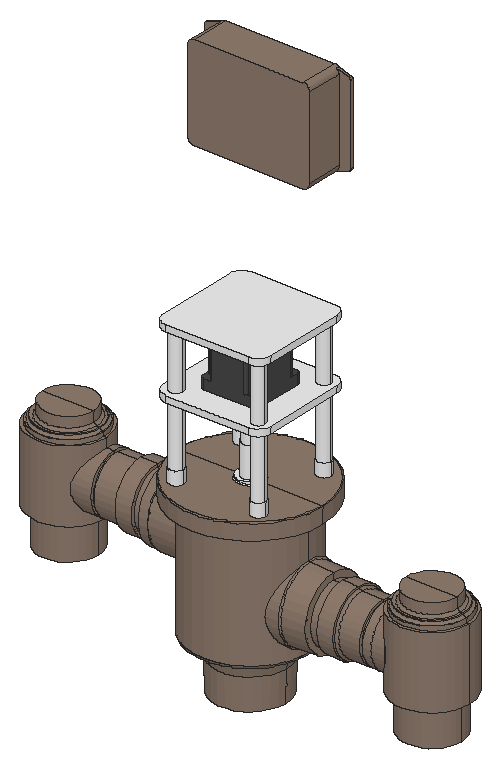
Revit family "Plumbing_Valves_Leonard-Valve_Proton-PNV-200-LF", category Pipe Accessories, Revit 2018
Family settings
  Round Connector Dimension = Use Diameter
  Part Type = Normal
  OmniClass Number = 23.65.55.14.24
  OmniClass Title = Mixing Valves for Liquid Services
  Work Plane-Based = No
  Always vertical = Yes
  Cut with Voids When Loaded = No
  Shared = No
Parameters (values of type "PNV-200-LF")
  Water Pressure Maximum = 200.0 psi  # constant formula
  URL = "http://www.leonardvalve.com"
  Product data url = "https://bimobject.com/leonardvalvecompany/product/pnv-200-lf"
  Product Page URL = "https://www.leonardvalve.com/products/lines/228/product/4878"
  Product Material = Bronze - Leonard Valve Company
  Product Guid = "6ae064ee-6da3-4ed8-9161-b5b8d07947d5"
  Piping Method = "Method W"  # constant formula
  Outlet Temperature Range = "65°F-180°F"  # constant formula
  Outlet = 2"
  Offset = 0"
  Model = "PNV-200-LF"
  Mixed Water Outlet Flow [instance] = 0.0 GPM
  Minimum Flow Rate = 0.25 GPM  # constant formula
  Maximum Pressure Drop = 50.0 psi  # constant formula
  Maximum Flow Rate = 226.0 GPM  # constant formula
  Manufacturer = "Leonard Valve"  # constant formula
  Keynote = "15400"
  Inlet = 2"
  Hot Water Inlet Flow [instance] = 0.0 GPM
  Hot Inlet Temperature Range = "120°F-180°F"  # constant formula
  Edition number = 1
  Description = "Proton-PNV-200-LF"
  Cold Water Inlet Flow [instance] = 0.0 GPM
  Cold Inlet Temperature Range = "39°F-80°F"  # constant formula
  Assembly Code = "D2090800"
Reference planes (in)
  plane 1 "Center (Front/Back)": y = 0
  plane 2: z = 0
  plane 3 "Center (Left/Right)": x = 0
  plane 4: y = 0
Dimensions and locks (in)
  "Offset": plane 4 to plane 1 "Center (Front/Back)"
  aligned and locked: level to plane 2
  aligned and locked: plane 3 "Center (Left/Right)" to nested 1
  aligned and locked: nested 1 to plane 4
Nested families (in)
  nested 1: "PNV-200-LF" at (0, 0, 0), type "PNV-200-LF"
Connectors (in)
  piping at (-7.1875, 0, 2.65), diameter 2, driven by "Inlet", driven by "Hot Water Inlet Flow"
    settings: on nested 1, index 1, connector inside diameter 609.6 mm, connector length 0", flow factor 0, pipe flow 0.0 GPM, pressure drop 0.0 psi, fitting loss kfactor 0, connector angle 0.00°, fixture units 0, engagement length 0", angle of deflection 0.00°, flow configuration 0, flow direction 1, fitting loss method 0, system type 19, joint type 0, gender type 0, connector reference index -1, connector utility 0, adjustable connector no, is connector primary yes, connector description "Hot Water Inlet"
  piping at (0, 0, 0), diameter 2, driven by "Outlet", driven by "Mixed Water Outlet Flow"
    settings: on nested 1, index 2, connector inside diameter 609.6 mm, connector length 0", flow factor 0, pipe flow 0.0 GPM, pressure drop 0.0 psi, fitting loss kfactor 0, connector angle 0.00°, fixture units 0, engagement length 0", angle of deflection 0.00°, flow configuration 0, flow direction 2, fitting loss method 0, system type 7, joint type 0, gender type 0, connector reference index -1, connector utility 0, adjustable connector no, is connector primary no, connector description "Mixed Water Outlet"
  piping at (7.1875, 0, 1.1), diameter 2, driven by "Inlet", driven by "Cold Water Inlet Flow"
    settings: on nested 1, index 3, connector inside diameter 609.6 mm, connector length 0", flow factor 0, pipe flow 0.0 GPM, pressure drop 0.0 psi, fitting loss kfactor 0, connector angle 0.00°, fixture units 0, engagement length 0", angle of deflection 0.00°, flow configuration 0, flow direction 1, fitting loss method 0, system type 20, joint type 0, gender type 0, connector reference index -1, connector utility 0, adjustable connector no, is connector primary no, connector description "Cold Water Inlet"
Definition of nested family "PNV-200-LF"
  Parameters (values of type "PNV-200-LF")
    Product Material = none
  Reference planes (in)
    plane 1 "Center (Front/Back)": y = 0
    plane 2: z = 0
    plane 3 "Center (Left/Right)": x = 0
  Forms (in)
    Revolve 1, solid, material <- "Product Material", detail levels fine
      sketch origin (0, 0, 0) x (1, 0, 0) y (0, 0, 1)
        loop
          line (0, 7.525) -> (0, 0) -> (1.40728, 0) -> (1.43935, 1.25021) -> (1.61552, 1.90769)
          arc (1.61552, 1.90769) -> (1.6587, 1.97419) -> (1.73367, 2) r 0.12177
          line (1.73367, 2) -> (2.18728, 2)
          arc (2.18728, 2) -> (2.27589, 2.0367) -> (2.3126, 2.12532) r 0.12532
          line (2.3126, 2.12532) -> (2.3126, 6.75504)
          arc (2.3126, 6.75504) -> (2.34641, 6.84313) -> (2.43327, 6.88) r 0.12075
          line (2.43327, 6.88) -> (2.88771, 6.88) -> (2.88771, 7.49354)
          arc (2.88771, 7.49354) -> (2.8785, 7.51578) -> (2.85625, 7.525) r 0.03146
          line (2.85625, 7.525) -> (0, 7.525)
        axis (0, 0) -> (0, 7.525)
      angle from 0 to 360
    Revolve 2, solid, material <- "Product Material", detail levels fine
      sketch origin (0, 0, 0) x (1, 0, 0) y (0, 0, 1)
        loop
          line (-1.8, 5.43) -> (-1.8, 6.88) -> (-2.88771, 6.88)
          arc (-2.88771, 6.88) -> (-2.90639, 6.86469) -> (-2.92995, 6.8594) r 0.0523
          line (-2.92995, 6.8594) -> (-3.3, 6.84001) -> (-3.3, 6.60425) -> (-3.675, 6.60425) -> (-3.675, 6.71265) -> (-4.31, 6.71265) -> (-4.31, 6.67124)
          arc (-4.31, 6.67124) -> (-4.34065, 6.60074) -> (-4.41312, 6.57508) r 0.0964
          line (-4.41312, 6.57508) -> (-5.245, 6.57508) -> (-5.245, 6.49523) -> (-5.3735, 6.49523) -> (-5.3735, 6.58) -> (-6.19444, 6.58) -> (-6.19444, 5.43) -> (-1.8, 5.43)
        axis (-1.8, 5.43) -> (-6.19444, 5.43)
      angle from 0 to 360
    Revolve 3, solid, material <- "Product Material", detail levels fine
      sketch origin (0, 0, 0) x (1, 0, 0) y (0, 0, 1)
        loop
          line (1.73824, 3.88) -> (6.22431, 3.88) -> (6.22431, 5.03) -> (5.68749, 5.03) -> (5.3735, 5.03) -> (5.3735, 4.94508) -> (5.245, 4.94508) -> (5.245, 5.02495) -> (4.40759, 5.02495)
          arc (4.40759, 5.02495) -> (4.33858, 5.05353) -> (4.31, 5.12254) r 0.09759
          line (4.31, 5.12254) -> (4.31, 5.16291) -> (3.675, 5.16291) -> (3.675, 5.04868) -> (3.3, 5.04868) -> (3.3, 5.29) -> (2.36088, 5.33922)
          arc (2.36088, 5.33922) -> (2.32958, 5.35126) -> (2.31228, 5.38) r 0.05162
          line (2.31228, 5.38) -> (1.73824, 5.38) -> (1.73824, 3.88)
        axis (1.73824, 3.88) -> (6.22431, 3.88)
      angle from 0 to 360
    Revolve 4, solid, material <- "Product Material", detail levels fine
      sketch origin (0, 0, 0) x (1, 0, 0) y (0, 0, 1)
        loop
          line (-7.1875, 2.65) -> (-7.1875, 7.716) -> (-8.19786, 7.716) -> (-8.19786, 7.31)
          arc (-8.19786, 7.31) -> (-8.22868, 7.24324) -> (-8.29698, 7.216) r 0.09926
          line (-8.29698, 7.216) -> (-8.4246, 7.216) -> (-8.4246, 7.18389)
          arc (-8.4246, 7.18389) -> (-8.45181, 7.11821) -> (-8.51749, 7.091) r 0.09289
          line (-8.51749, 7.091) -> (-8.56831, 7.091) -> (-8.56831, 6.93) -> (-8.6875, 6.93) -> (-8.6875, 4.088) -> (-8.368, 4.088) -> (-8.368, 2.65) -> (-7.1875, 2.65)
        axis (-7.1875, 7.716) -> (-7.1875, 2.65)
      angle from 0 to 360
    Revolve 5, solid, material <- "Product Material", detail levels fine
      sketch origin (0, 0, 0) x (1, 0, 0) y (0, 0, 1)
        loop
          line (7.1875, 6.166) -> (7.1875, 1.1) -> (8.36799, 1.1) -> (8.36799, 2.538) -> (8.6871, 2.538) -> (8.6871, 5.38) -> (8.5675, 5.38) -> (8.5675, 5.541) -> (8.519, 5.541)
          arc (8.519, 5.541) -> (8.45255, 5.56852) -> (8.42503, 5.63497) r 0.09397
          line (8.42503, 5.63497) -> (8.42503, 5.666) -> (8.306, 5.666)
          arc (8.306, 5.666) -> (8.23259, 5.69076) -> (8.19786, 5.76) r 0.10181
          line (8.19786, 5.76) -> (8.19786, 6.166) -> (7.1875, 6.166)
        axis (7.1875, 1.1) -> (7.1875, 6.166)
      angle from 0 to 360
    Revolve 6, solid, detail levels fine
      sketch origin (0, 0, 0) x (1, 0, 0) y (0, 0, 1)
        loop
          line (-0.18736, 10.53042) -> (-0.18736, 9.96018) -> (-0.12402, 9.85047) -> (-0.12402, 9.71667) -> (-0.24128, 9.71667) -> (-0.24128, 9.56042) -> (-0.28709, 9.56042) -> (-0.28709, 8.81042) -> (-0.33114, 8.81042) -> (-0.33114, 7.625) -> (-0.50027, 7.625) -> (-0.50027, 7.55693)
          arc (-0.50027, 7.55693) -> (-0.50962, 7.53435) -> (-0.53219, 7.525) r 0.03193
          line (-0.53219, 7.525) -> (0, 7.525) -> (0, 10.53042) -> (-0.18736, 10.53042)
        axis (0, 7.525) -> (0, 10.53042)
      angle from 0 to 360
    Extrusion 7, solid, detail levels fine
      sketch origin (0, 0, 0) x (1, 0, 0) y (0, 1, 0)
        loop
          circle (-1.625, 1.625) r 0.28125
        loop
          circle (1.625, 1.625) r 0.28125
        loop
          circle (-1.625, -1.625) r 0.28125
        loop
          circle (1.625, -1.625) r 0.28125
      from 7.525 to 8.025
    Extrusion 8, solid, detail levels fine
      sketch origin (0, 0, 0) x (1, 0, 0) y (0, 1, 0)
        loop
          circle (-1.625, 1.625) r 0.25
        loop
          circle (1.625, 1.625) r 0.25
        loop
          circle (-1.625, -1.625) r 0.25
        loop
          circle (1.625, -1.625) r 0.25
      from 8.025 to 13.03042
    Extrusion 9, solid, detail levels fine
      sketch origin (0, 0, 0) x (1, 0, 0) y (0, 1, 0)
        loop
          line (1.625, 2.125) -> (-1.625, 2.125)
          arc (-1.625, 2.125) -> (-1.97855, 1.97855) -> (-2.125, 1.625) r 0.5
          line (-2.125, 1.625) -> (-2.125, -1.625)
          arc (-2.125, -1.625) -> (-1.97855, -1.97855) -> (-1.625, -2.125) r 0.5
          line (-1.625, -2.125) -> (1.625, -2.125)
          arc (1.625, -2.125) -> (1.97855, -1.97855) -> (2.125, -1.625) r 0.5
          line (2.125, -1.625) -> (2.125, 1.625)
          arc (2.125, 1.625) -> (1.97855, 1.97855) -> (1.625, 2.125) r 0.5
      from 10.53042 to 10.78042
    Extrusion 10, solid, detail levels fine
      sketch origin (0, 0, 0) x (1, 0, 0) y (0, 1, 0)
        loop
          line (1.625, 2.125) -> (-1.625, 2.125)
          arc (-1.625, 2.125) -> (-1.97855, 1.97855) -> (-2.125, 1.625) r 0.5
          line (-2.125, 1.625) -> (-2.125, -1.625)
          arc (-2.125, -1.625) -> (-1.97855, -1.97855) -> (-1.625, -2.125) r 0.5
          line (-1.625, -2.125) -> (1.625, -2.125)
          arc (1.625, -2.125) -> (1.97855, -1.97855) -> (2.125, -1.625) r 0.5
          line (2.125, -1.625) -> (2.125, 1.625)
          arc (2.125, 1.625) -> (1.97855, 1.97855) -> (1.625, 2.125) r 0.5
      from 13.03042 to 13.28042
    Extrusion 11, solid, detail levels fine
      sketch origin (0, 0, 0) x (1, 0, 0) y (0, 1, 0)
        loop
          line (0.94, 1.11) -> (-0.94, 1.11)
          arc (-0.94, 1.11) -> (-1.06021, 1.06021) -> (-1.11, 0.94) r 0.17
          line (-1.11, 0.94) -> (-1.11, -0.94)
          arc (-1.11, -0.94) -> (-1.06021, -1.06021) -> (-0.94, -1.11) r 0.17
          line (-0.94, -1.11) -> (0.94, -1.11)
          arc (0.94, -1.11) -> (1.06021, -1.06021) -> (1.11, -0.94) r 0.17
          line (1.11, -0.94) -> (1.11, 0.94)
          arc (1.11, 0.94) -> (1.06021, 1.06021) -> (0.94, 1.11) r 0.17
      from 10.78042 to 11.17412
    Extrusion 12, solid, detail levels fine
      sketch origin (0, 0, 0) x (1, 0, 0) y (0, 1, 0)
        loop
          line (0.62589, 1.11) -> (-0.62589, 1.11)
          arc (-0.62589, 1.11) -> (-0.70941, 1.07541) -> (-0.744, 0.99189) r 0.11811
          line (-0.744, 0.99189) -> (-0.744, 0.94085)
          arc (-0.744, 0.94085) -> (-0.80166, 0.80166) -> (-0.94085, 0.744) r 0.19685
          line (-0.94085, 0.744) -> (-0.99189, 0.744)
          arc (-0.99189, 0.744) -> (-1.07541, 0.70941) -> (-1.11, 0.62589) r 0.11811
          line (-1.11, 0.62589) -> (-1.11, -0.62589)
          arc (-1.11, -0.62589) -> (-1.07541, -0.70941) -> (-0.99189, -0.744) r 0.11811
          line (-0.99189, -0.744) -> (-0.94085, -0.744)
          arc (-0.94085, -0.744) -> (-0.80166, -0.80166) -> (-0.744, -0.94085) r 0.19685
          line (-0.744, -0.94085) -> (-0.744, -0.99189)
          arc (-0.744, -0.99189) -> (-0.70941, -1.07541) -> (-0.62589, -1.11) r 0.11811
          line (-0.62589, -1.11) -> (0.62589, -1.11)
          arc (0.62589, -1.11) -> (0.70941, -1.07541) -> (0.744, -0.99189) r 0.11811
          line (0.744, -0.99189) -> (0.744, -0.94085)
          arc (0.744, -0.94085) -> (0.80166, -0.80166) -> (0.94085, -0.744) r 0.19685
          line (0.94085, -0.744) -> (0.99189, -0.744)
          arc (0.99189, -0.744) -> (1.07541, -0.70941) -> (1.11, -0.62589) r 0.11811
          line (1.11, -0.62589) -> (1.11, 0.62589)
          arc (1.11, 0.62589) -> (1.07541, 0.70941) -> (0.99189, 0.744) r 0.11811
          line (0.99189, 0.744) -> (0.94085, 0.744)
          arc (0.94085, 0.744) -> (0.80166, 0.80166) -> (0.744, 0.94085) r 0.19685
          line (0.744, 0.94085) -> (0.744, 0.99189)
          arc (0.744, 0.99189) -> (0.70941, 1.07541) -> (0.62589, 1.11) r 0.11811
      from 11.17412 to 12.56042
    Extrusion 13, solid, material <- "Product Material", detail levels fine
      sketch origin (0, 0, 0) x (1, 0, 0) y (0, 0, 1)
        loop
          line (2.15, 22.2865) -> (-2.15, 22.2865)
          arc (-2.15, 22.2865) -> (-2.32678, 22.21327) -> (-2.4, 22.0365) r 0.25
          line (-2.4, 22.0365) -> (-2.4, 18.7865)
          arc (-2.4, 18.7865) -> (-2.32678, 18.60972) -> (-2.15, 18.5365) r 0.25
          line (-2.15, 18.5365) -> (2.15, 18.5365)
          arc (2.15, 18.5365) -> (2.32678, 18.60972) -> (2.4, 18.7865) r 0.25
          line (2.4, 18.7865) -> (2.4, 22.0365)
          arc (2.4, 22.0365) -> (2.32678, 22.21327) -> (2.15, 22.2865) r 0.25
      from -1.48146 to 0.06932
    Extrusion 14, solid, material <- "Product Material", detail levels fine
      sketch origin (0, 0, 0) x (1, 0, 0) y (0, 0, 1)
        loop
          line (-2.875, 21.99194) -> (-2.875, 18.83106)
          arc (-2.875, 18.83106) -> (-2.86339, 18.79477) -> (-2.83287, 18.77197) r 0.0625
          line (-2.83287, 18.77197) -> (-2.30409, 18.58963)
          arc (-2.30409, 18.58963) -> (-2.37475, 18.677) -> (-2.4, 18.7865) r 0.25
          line (-2.4, 18.7865) -> (-2.4, 22.0365)
          arc (-2.4, 22.0365) -> (-2.37475, 22.14599) -> (-2.30409, 22.23336) r 0.25
          line (-2.30409, 22.23336) -> (-2.83287, 22.05102)
          arc (-2.83287, 22.05102) -> (-2.86339, 22.02822) -> (-2.875, 21.99194) r 0.0625
        loop
          line (2.83287, 22.05102) -> (2.30409, 22.23336)
          arc (2.30409, 22.23336) -> (2.37475, 22.14599) -> (2.4, 22.0365) r 0.25
          line (2.4, 22.0365) -> (2.4, 18.7865)
          arc (2.4, 18.7865) -> (2.37475, 18.677) -> (2.30409, 18.58963) r 0.25
          line (2.30409, 18.58963) -> (2.83287, 18.77197)
          arc (2.83287, 18.77197) -> (2.86339, 18.79477) -> (2.875, 18.83106) r 0.0625
          line (2.875, 18.83106) -> (2.875, 21.99194)
          arc (2.875, 21.99194) -> (2.86339, 22.02822) -> (2.83287, 22.05102) r 0.0625
      from -1.48146 to -1.36037
  Cuts and joins
    joined: Revolve 1, Revolve 2, Revolve 4, Revolve 5
    joined: Extrusion 11, Extrusion 12
    joined: Extrusion 7, Extrusion 8, Extrusion 9, Extrusion 10
    joined: Extrusion 13, Extrusion 14
  Lines and regions (in)
    Masking region 1, detail levels coarse+medium
      outline origin (0, 0, 0) x (1, 0, 0) y (0, 1, 0)
        loop
          circle (0, 0) r 2.88771
    model lines, detail levels coarse+medium
      curve 1: line (-7.1875, 0, 2.65) -> (-7.1875, 0, 5.43)
      curve 2: line (-5.245, 0, 5.43) -> (-7.1875, 0, 5.43)
      curve 3: line (-5.245, 0, 5.43) -> (-1.41688, 0, 5.43)
      curve 4: line (-7.1875, 0, 2.65) -> (-6.74609, 0, 2.65)
      curve 5: line (-7.1875, 0, 2.65) -> (-7.62891, 0, 2.65)
      curve 6: line (0, 0, 5.43) -> (0, 0, 0)
      curve 7: line (7.1875, 0, 3.88) -> (2, 0, 3.88)
      curve 8: line (7.1875, 0, 1.1) -> (7.1875, 0, 3.88)
      curve 9: line (7.1875, 0, 1.1) -> (7.62891, 0, 1.1)
      curve 10: line (7.1875, 0, 1.1) -> (6.74609, 0, 1.1)
      curve 11: line (0, 0, 5.43) -> (-1.41688, 0, 5.9457)
      curve 12: line (-1.41688, 0, 5.9457) -> (-1.41688, 0, 5.43)
      curve 13: line (0, 0, 5.43) -> (-1.41688, 0, 4.9143)
      curve 14: line (-1.41688, 0, 4.9143) -> (-1.41688, 0, 5.43)
      curve 15: line (0, 0, 5.43) -> (1.41688, 0, 5.9457)
      curve 16: line (1.41688, 0, 5.9457) -> (1.41688, 0, 5.43)
      curve 17: line (0, 0, 5.43) -> (1.41688, 0, 4.9143)
      curve 18: line (1.41688, 0, 4.9143) -> (1.41688, 0, 5.43)
      curve 19: line (1.41688, 0, 5.43) -> (2, 0, 5.43)
      curve 20: line (2, 0, 5.43) -> (2, 0, 3.88)
      curve 21: line (0, 0, 0) -> (-0.2207, 0, 0.38227)
      curve 22: line (-0.2207, 0, 0.38227) -> (0, 0, 0.38227)
      curve 23: line (0, 0, 0) -> (0.2207, 0, 0.38227)
      curve 24: line (0.2207, 0, 0.38227) -> (0, 0, 0.38227)
      curve 25: line (0, 0, 5.43) -> (0, 0, 6.18)
      curve 26: circle (0, 0, 6.68) r 0.5 normal (0, -1, 0)
    symbolic lines, detail levels coarse+medium
      curve 27: line (-7.1875, 0, 0) -> (-2.88771, 0, 0)
      curve 28: line (7.1875, 0, 0) -> (2.88771, 0, 0)
      curve 29: line (3.96649, 1.16965, 0) -> (3.96649, -1.08035, 0)
      curve 30: line (-4.00596, 1.16965, 0) -> (-4.00596, -1.08035, 0)
  Dimensions and locks (in)
    aligned and locked: level to plane 2
